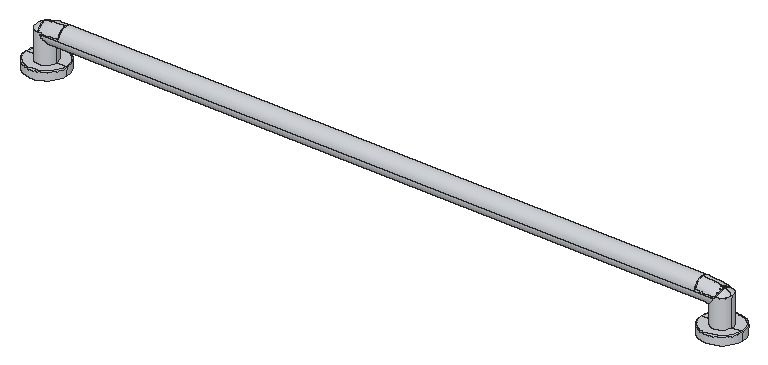
Revit family "Accessory-Grab_Bar-KOHLER-Kumin-K-22824_1", category Specialty Equipment, host Face, Revit 2017
Family settings
  Host = Face
  Round Connector Dimension = Use Diameter
  Part Type = Normal
  OmniClass Number = 23.31.25.00
  OmniClass Title = Toilet and Bath Specialties
  Cut with Voids When Loaded = No
  Shared = No
  Room Calculation Point = No
Parameters (values of type "CP-Polished Chrome")
  Width = 44 9/16"  # constant formula
  WaterSense Certified = 1 = 0  # no
  URL = "https://www.us.kohler.com/us/"
  Type = 1
  Product Page URL = "http://www.us.kohler.com/us/catalog/productDetails.jsp?productNumber=22824"
  Product Name = "Kumin"  # constant formula
  Product Documentation Link = "https://www.us.kohler.com/webassets/kpna/catalog/pdf/en/K-22824_spec.pdf"
  Model = if(Type = 1, "K-22824-CP", if(Type = 2, "K-22824-BN", if(Type = 3, "K-22824-BL", "NA")))  # "K-22824-CP"
  Material = "Premium Metal Construction"  # constant formula
  Master Format 2014 Name = "Toilet, Bath, and Laundry Accessories"  # constant formula
  Master Format 2014 = "10 28 00"  # constant formula
  Manufacturer Address = "444 Highland Dr, Kohler, WI 53044"  # constant formula
  Manufacturer = "KOHLER Co."  # constant formula
  Length = 2 3/4"  # constant formula
  Height = 2 9/16"  # constant formula
  Finish = Kohler-Metal-CP-Polished_Chrome
  Environmental Product Declaration = ""
  Description = "42 inch grab bar"  # constant formula
  Default Elevation = 42"
  Declare Label = ""
  Date Modified = "04/24/2020"  # constant formula
  Date Created = "04/24/2020"  # constant formula
  Copyright = "Copyright KOHLER Co."  # constant formula
  Contact Us = "https://www.us.kohler.com/us/static/contact.jsp"
  Assembly Code = "C1030200"
  ADA Compliant = 1 = 1  # yes
Types (4): name | Type | Model | Finish
  (no name) | 1 | "K-22824-CP" | Kohler-Metal-CP-Polished_Chrome
  CP-Polished Chrome | 1 | "K-22824-CP" | Kohler-Metal-CP-Polished_Chrome
  BN-Vibrant Brushed Nickel | 2 | "K-22824-BN" | Kohler-Metal-BN-Vibrant_Brushed_Nickel
  BL-Matte Black | 3 | "K-22824-BL" | Kohler-Metal-BL-Matte_Black
Reference planes (in)
  plane 1 "Center (Front/Back)": y = 0
  plane 2: z = 0
  plane 3 "Center (Left/Right)": x = 0
  plane 4: x = -22.28125
  plane 5: x = -21
  plane 6: x = -19.71875
  plane 7: x = -21.62974
  plane 8: x = -20.37026
  plane 9: x = 22.28125
  plane 10: x = 21
  plane 11: x = 19.71875
  plane 12: x = 21.62974
  plane 13: x = 20.37026
  plane 14: y = 1.28125
  plane 15: y = -1.28125
  plane 16: y = 0.625
  plane 17: y = -0.625
  plane 18: z = 2.75
  plane 19: z = 1.5
  plane 20: z = 0.51181
Dimensions and locks (in)
  "Width": plane 4 to plane 9
  plane 5 to plane 10 = 42"
  "Height": plane 14 to plane 15
  "Length": plane 18 to level
  locked: plane 18 to plane 19 at 1.25
  plane 19 to level = 1 1/2"
  aligned and locked: plane 2 to host face
  aligned and locked: level to host face
  aligned and locked: plane 1 "Center (Front/Back)" to nested 1
Automatic sketch dimensions
  host sketch curve to host sketch curve = 96"  (x2)
Nested families (in)
  nested 1: "K-22824" at (0, 0, 0), type "K-22824"
Definition of nested family "K-22824"
  Parameters (values of type "K-22824")
    Material = none
  Reference planes (in)
    plane 1 "Center (Front/Back)": y = 0
    plane 2: z = 0
    plane 3 "Center (Left/Right)": x = 0
    plane 4: y = 1.28125
    plane 5: y = -1.28125
    plane 6: z = 1.5
    plane 7: z = 2.75
    plane 8: y = 0.625
    plane 9: y = -0.625
    plane 10: x = -22.28125
    plane 11: x = -21
    plane 12: x = -19.71875
    plane 13: x = 22.28125
    plane 14: x = 21
    plane 15: x = 19.71875
    plane 16: x = -21.62974
    plane 17: x = -20.37026
    plane 18: x = 21.62974
    plane 19: x = 20.37026
    plane 20: z = 2.23192
  Forms (in)
    Revolve 1, solid, material <- "Material", detail levels medium+fine
      sketch origin (-12, 0, 0) x (1, 0, 0) y (0, 0, 1)
        loop
          line (-10.28125, 0) -> (-9, 0) -> (-9, 2.60191)
          arc (-9, 2.60191) -> (-9.33923, 2.47064) -> (-9.62974, 2.25176) r 1.31983
          line (-9.62974, 2.25176) -> (-9.62974, 0.51181) -> (-10.23827, 0.51181)
          arc (-10.23827, 0.51181) -> (-10.26866, 0.49922) -> (-10.28125, 0.46883) r 0.04298
          line (-10.28125, 0.46883) -> (-10.28125, 0)
        axis (-9, 2.60191) -> (-9, 0)
      angle from 0 to 360
    Extrusion 2, solid, material <- "Material", detail levels medium+fine
      sketch origin (0, 0, 0) x (0, 1, 0) y (0, 0, 1)
        loop
          circle (0, 2.125) r 0.6255
      from -21 to 21
    Extrusion 3, void
      sketch origin (-11.99329, 0, 0) x (1, 0, 0) y (0, 0, 1)
        loop
          line (-9.04866, 2.25176) -> (-7.81872, 2.25176) -> (-7.81872, 2.80177) -> (-9.28212, 2.80177) -> (-9.04866, 2.25176)
      from -1.09981 to 1.01301
    SweptBlend 4, solid, material <- "Material", detail levels medium+fine
      path origin (-11.99333, 0, 0) x (1, 0, 0) y (0, 0, 1)
        loop
          spline (-7.81872, 2.7505) -> (-7.96235, 2.74909) -> (-8.10041, 2.74487) -> (-8.2329, 2.73784) -> (-8.35981, 2.72799) -> (-8.48114, 2.71533) -> (-8.5969, 2.69986) -> (-8.70708, 2.68158) -> (-8.81169, 2.66048) -> (-8.91073, 2.63657) -> (-9.00419, 2.60985) -> (-9.09208, 2.58031) -> (-9.17439, 2.54796)
      profile origin (-19.81205, 0, 2.7505) x (0, 0, -1) y (0, -1, 0)
        loop
          line (0.6255, -0.6255) -> (0.6255, 0.6255)
          arc (0.6255, 0.6255) -> (0.1832, 0.44229) -> (0, 0) r 0.6255
          arc (0, 0) -> (0.1832, -0.44229) -> (0.6255, -0.6255) r 0.6255
      end profile origin (-21.16772, 0, 2.54796) x (0.390731, 0, -0.920505) y (0, -1, 0)
        loop
          arc (0.41853, 0.70125) -> (0.13108, 0.39713) -> (-0.00086, 0) r 0.96643
          arc (-0.00086, 0) -> (0.13108, -0.39713) -> (0.41853, -0.70125) r 0.96643
          line (0.41853, -0.70125) -> (0.41853, 0.70125)
    Revolve 5, solid, material <- "Material", detail levels medium+fine
      sketch origin (12, 0, 0) x (-1, 0, 0) y (0, 0, 1)
        loop
          line (-10.28125, 0) -> (-9, 0) -> (-9, 2.60191)
          arc (-9, 2.60191) -> (-9.33923, 2.47064) -> (-9.62974, 2.25176) r 1.31983
          line (-9.62974, 2.25176) -> (-9.62974, 0.51181) -> (-10.23827, 0.51181)
          arc (-10.23827, 0.51181) -> (-10.26866, 0.49922) -> (-10.28125, 0.46883) r 0.04298
          line (-10.28125, 0.46883) -> (-10.28125, 0)
        axis (-9, 2.60191) -> (-9, 0)
      angle from 0 to 360
    Extrusion 6, void
      sketch origin (11.99329, 0, 0) x (-1, 0, 0) y (0, 0, -1)
        loop
          line (-9.04866, -2.25176) -> (-9.28212, -2.80177) -> (-7.81872, -2.80177) -> (-7.81872, -2.25176) -> (-9.04866, -2.25176)
      from -1.09981 to 1.01301
    SweptBlend 7, solid, material <- "Material", detail levels medium+fine
      path origin (11.99333, 0, 0) x (-1, 0, 0) y (0, 0, 1)
        loop
          spline (-7.81872, 2.7505) -> (-7.96235, 2.74909) -> (-8.10041, 2.74487) -> (-8.2329, 2.73784) -> (-8.35981, 2.72799) -> (-8.48114, 2.71533) -> (-8.5969, 2.69986) -> (-8.70708, 2.68158) -> (-8.81169, 2.66048) -> (-8.91073, 2.63657) -> (-9.00419, 2.60985) -> (-9.09208, 2.58031) -> (-9.17439, 2.54796)
      profile origin (19.81205, 0, 2.7505) x (0, 0, 1) y (0, -1, 0)
        loop
          arc (-0.6255, -0.6255) -> (-0.1832, -0.44229) -> (0, 0) r 0.6255
          arc (0, 0) -> (-0.1832, 0.44229) -> (-0.6255, 0.6255) r 0.6255
          line (-0.6255, 0.6255) -> (-0.6255, -0.6255)
      end profile origin (21.16772, 0, 2.54796) x (0.390731, 0, 0.920505) y (0, -1, 0)
        loop
          line (-0.41853, 0.70125) -> (-0.41853, -0.70125)
          arc (-0.41853, -0.70125) -> (-0.13108, -0.39713) -> (0.00086, 0) r 0.96643
          arc (0.00086, 0) -> (-0.13108, 0.39713) -> (-0.41853, 0.70125) r 0.96643
    Extrusion 8, void
      sketch origin (11.97034, 0, 0) x (-1, 0, 0) y (0, 0, -1)
        loop
          line (-7.81872, -2.25176) -> (-7.81872, -2.05238) -> (-9.11308, -2.05238) -> (-9.11308, -2.25176) -> (-7.81872, -2.25176)
        loop
          line (30.81564, -2.25176) -> (33.02251, -2.25176) -> (33.02251, -2.05238) -> (30.81564, -2.05238) -> (30.81564, -2.25176)
      from -0.78626 to 0.73942
    Extrusion 9, solid, material <- "Material", detail levels coarse
      sketch origin (0, 0, 0) x (1, 0, 0) y (0, 1, 0)
        loop
          circle (-21, 0) r 1.28125
      from 0 to 0.51181
    Extrusion 10, solid, material <- "Material", detail levels coarse
      sketch origin (0, 0, 0) x (-1, 0, 0) y (0, -1, 0)
        loop
          circle (-21, 0) r 1.28125
      from 0 to 0.51181
    Sweep 11, solid, material <- "Material", detail levels coarse
      path origin (0, 0, 0) x (1, 0, 0) y (0, 0, 1)
        loop
          line (21, 0.46255) -> (21, 1.37109)
          arc (21, 1.37109) -> (20.77919, 1.90419) -> (20.24609, 2.125) r 0.75391
          line (20.24609, 2.125) -> (-20.24609, 2.125)
          arc (-20.24609, 2.125) -> (-20.77919, 1.90419) -> (-21, 1.37109) r 0.75391
          line (-21, 1.37109) -> (-21, 0.46255)
      profile origin (-21, 0, 0.91682) x (0, -1, 0) y (1, 0, 0)
        loop
          circle (0, 0) r 0.625
  Cuts and joins
    Extrusion 6, Extrusion 8 cuts SweptBlend 4
    Extrusion 3, Extrusion 6 cuts Revolve 1
    Extrusion 3, Extrusion 6 cuts Extrusion 2
    joined: Revolve 1, Extrusion 2, Revolve 5
    Extrusion 8 cuts SweptBlend 7
    joined: Extrusion 9, Extrusion 10, Sweep 11
  Lines and regions (in)
    Masking region 1
      outline origin (0, 0, 0) x (0, 1, 0) y (0, 0, 1)
        loop
          line (-1.28125, 0) -> (1.28125, 0) -> (1.28125, 0.4694)
          arc (1.28125, 0.4694) -> (1.26883, 0.49939) -> (1.23884, 0.51181) r 0.04241
          line (1.23884, 0.51181) -> (0.625, 0.51181) -> (0.625, 2.12594)
          arc (0.625, 2.12594) -> (0, 2.75094) -> (-0.625, 2.12594) r 0.625
          line (-0.625, 2.12594) -> (-0.625, 0.51181) -> (-1.23884, 0.51181)
          arc (-1.23884, 0.51181) -> (-1.26883, 0.49939) -> (-1.28125, 0.4694) r 0.04241
          line (-1.28125, 0.4694) -> (-1.28125, 0)
    Masking region 2
      outline origin (0, 0, 0) x (1, 0, 0) y (0, 0, 1)
        loop
          line (-22.28125, 0) -> (-19.71875, 0) -> (-19.71875, 0.47091)
          arc (-19.71875, 0.47091) -> (-19.73021, 0.49858) -> (-19.75788, 0.51004) r 0.03913
          line (-19.75788, 0.51004) -> (-20.37026, 0.51004) -> (-20.37026, 1.35161)
          arc (-20.37026, 1.35161) -> (-20.32679, 1.45654) -> (-20.22186, 1.5) r 0.14839
          line (-20.22186, 1.5) -> (20.22186, 1.5)
          arc (20.22186, 1.5) -> (20.32679, 1.45654) -> (20.37026, 1.35161) r 0.14839
          line (20.37026, 1.35161) -> (20.37026, 0.51004) -> (19.75788, 0.51004)
          arc (19.75788, 0.51004) -> (19.73021, 0.49858) -> (19.71875, 0.47091) r 0.03913
          line (19.71875, 0.47091) -> (19.71875, 0) -> (22.28125, 0) -> (22.28125, 0.47091)
          arc (22.28125, 0.47091) -> (22.26979, 0.49858) -> (22.24212, 0.51004) r 0.03913
          line (22.24212, 0.51004) -> (21.62974, 0.51004) -> (21.62974, 2.23192)
          arc (21.62974, 2.23192) -> (21.45979, 2.39772) -> (21.25327, 2.51488) r 0.92642
          arc (21.25327, 2.51488) -> (20.66559, 2.69066) -> (20.05506, 2.75) r 3.1707
          line (20.05506, 2.75) -> (0.6701, 2.75) -> (-20.05506, 2.75)
          arc (-20.05506, 2.75) -> (-20.66559, 2.69066) -> (-21.25327, 2.51488) r 3.1707
          arc (-21.25327, 2.51488) -> (-21.45979, 2.39772) -> (-21.62974, 2.23192) r 0.92642
          line (-21.62974, 2.23192) -> (-21.62974, 0.51004) -> (-22.24212, 0.51004)
          arc (-22.24212, 0.51004) -> (-22.26979, 0.49858) -> (-22.28125, 0.47091) r 0.03913
          line (-22.28125, 0.47091) -> (-22.28125, 0)
    Masking region 3
      outline origin (0, 0, 0) x (1, 0, 0) y (0, 1, 0)
        loop
          line (19.88153, 0.625) -> (-19.88153, 0.625)
          arc (-19.88153, 0.625) -> (-22.28125, 0) -> (-19.88153, -0.625) r 1.28125
          line (-19.88153, -0.625) -> (19.88153, -0.625)
          arc (19.88153, -0.625) -> (22.28125, 0) -> (19.88153, 0.625) r 1.28125
    symbolic lines, detail levels medium+fine
      curve 1: line (0, -0.62974, 0.51181) -> (0, 0.62974, 0.51181)
      curve 2: line (0, -0.61595, 2.23192) -> (0, 0.61595, 2.23192)
      curve 3: line (-21.62974, 0, 0.51181) -> (-20.37026, 0, 0.51181)
      curve 4: line (-18.96875, 0, 1.5) -> (-18.96875, 0, 2.75)
      curve 5: line (-18.96875, 0, 2.23192) -> (-21.62974, 0, 2.23192)
      curve 6: line (21.62974, 0, 0.51181) -> (20.37026, 0, 0.51181)
      curve 7: line (18.96875, 0, 1.5) -> (18.96875, 0, 2.75)
      curve 8: line (18.96875, 0, 2.23192) -> (21.62974, 0, 2.23192)
      curve 9: line (-19.71875, 0.625, 0) -> (-21.00531, 0.625, 0)
      curve 10: line (-19.71875, -0.625, 0) -> (-21.00531, -0.625, 0)
      curve 11: arc (-21.00531, 0.625, 0) -> (-21.63031, 0, 0) -> (-21.00531, -0.625, 0) r 0.625
      curve 12: line (-18.96875, -0.625, 0) -> (-18.96875, 0.625, 0)
      curve 13: line (19.71875, 0.625, 0) -> (21.00486, 0.625, 0)
      curve 14: line (19.71875, -0.625, 0) -> (21.00486, -0.625, 0)
      curve 15: arc (21.00486, 0.625, 0) -> (21.62986, 0, 0) -> (21.00486, -0.625, 0) r 0.625
      curve 16: line (18.96875, -0.625, 0) -> (18.96875, 0.625, 0)
  Dimensions and locks (in)
    locked: plane 7 to plane 2 at 2.75
    plane 11 to plane 3 "Center (Left/Right)" = 21"
    plane 10 to plane 12 = 2 9/16"
    plane 12 to plane 10 = 2 9/16"
    plane 6 to level = 1 1/2"
    plane 7 to plane 6 = 1 1/4"
    plane 7 to level = 2 3/4"
    plane 10 to plane 13 = 44 9/16"
    aligned and locked: plane 2 to level
